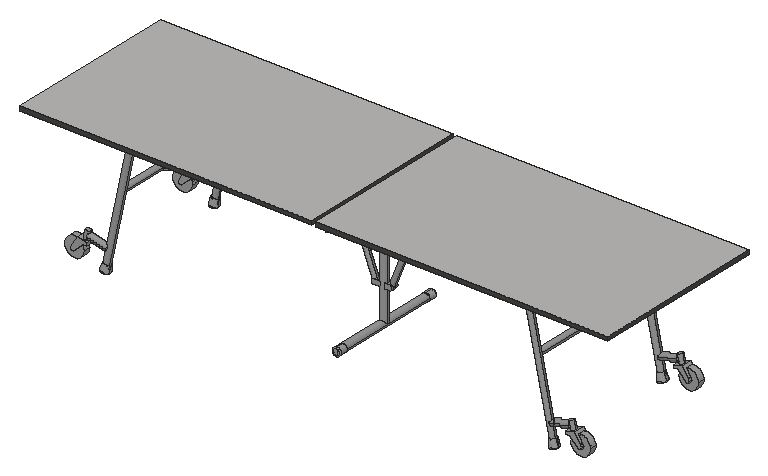
Revit family "23M Rect. 10 Long x 27 High", category Furniture, Revit 2016
Family settings
  OmniClass Number = 23.40.20.00
  OmniClass Title = General Furniture and Specialties
  Work Plane-Based = No
  Always vertical = Yes
  Cut with Voids When Loaded = No
  Shared = No
  Room Calculation Point = No
Parameters (values of type "23M15273610")
  Width = 3' - 0"
  Top [instance] = Palmer Hamilton Lt Gry
  Open [instance] = yes
  Model = "23M15273610"
  Length = 5' - 0"
  Frame [instance] = Palmer Hamilton - Frame
  Edge [instance] = Palmer Hamilton - Edge
  Closed [instance] = not(Open)  # no
Reference planes (in)
  plane 1 "Center Front/Back": y = 0
  plane 2: z = 0
  plane 3 "Center Left/Right": x = 0
  plane 4: x = -63.24988
Forms (in)
  Extrusion 1, solid, visible <- "Open"
    sketch origin (0, 0, 0) x (1, 0, 0) y (0, 1, 0)
      loop
        line (-60, 18) -> (-60, -18) -> (-0.375, -18) -> (-0.375, 18) -> (-60, 18)
    from 26.41783 to 27.23283
  Extrusion 2, solid, material "Palmer Hamilton - Frame" <- "Frame", visible <- "Open"
    sketch origin (0, 0, 0) x (1, 0, 0) y (0, 1, 0)
      loop
        line (-1, 14.5647) -> (-46, 14.5647) -> (-46, 14.4397) -> (-1, 14.4397) -> (-1, 14.5647)
      loop
        line (-1, -14.5647) -> (-1, -14.4397) -> (-46, -14.4397) -> (-46, -14.5647) -> (-1, -14.5647)
      loop
        line (-1, -2.9406) -> (-1, -2.8156) -> (-11.25, -2.8156) -> (-11.25, -2.9406) -> (-1, -2.9406)
      loop
        line (-11.25, 2.6994) -> (-11.25, 2.5744) -> (-1, 2.5744) -> (-1, 2.6994) -> (-11.25, 2.6994)
    from 24.66783 to 26.41783
  Extrusion 3, solid, material "Palmer Hamilton - Frame" <- "Frame", visible <- "Open"
    sketch origin (0, 0, 0) x (1, 0, 0) y (0, 0, 1)
      loop
        line (-1, 25.71687) -> (-1, 26.41783) -> (-2.2141, 26.41783) -> (-2.2141, 24.66783) -> (-1.68301, 24.66783) -> (-0.3125, 23.87657)
        arc (-0.3125, 23.87657) -> (0.54127, 24.10533) -> (0.3125, 24.9591) r 0.625
        line (0.3125, 24.9591) -> (-1, 25.71687)
    from 14.5647 to 14.6547
  Extrusion 4, solid, material "Palmer Hamilton - Frame" <- "Frame", visible <- "Open"
    sketch origin (0, 0, 0) x (1, 0, 0) y (0, 0, 1)
      loop
        line (-1, 25.71687) -> (-1, 26.41783) -> (-2.2141, 26.41783) -> (-2.2141, 24.66783) -> (-1.68301, 24.66783) -> (-0.3125, 23.87657)
        arc (-0.3125, 23.87657) -> (0.54127, 24.10533) -> (0.3125, 24.9591) r 0.625
        line (0.3125, 24.9591) -> (-1, 25.71687)
    from -14.4397 to -14.2345
  Extrusion 5, solid, material "Palmer Hamilton - Frame" <- "Frame", visible <- "Open"
    sketch origin (-9.0168, -1.84334, -7.25839) x (0.97817, 0, -0.207805) y (0, 1, 0)
      loop
        circle (-37.61218, -11.99504) r 0.625
    from 0 to 25.54283
  Extrusion 6, solid, material "Palmer Hamilton - Frame" <- "Frame", visible <- "Open"
    sketch origin (-14.19545, -1.84334, -7.59113) x (0.96853, 0, -0.248899) y (0, 1, 0)
      loop
        circle (-37.61218, -11.99504) r 0.5
    from 3.24005 to 4.80312
  Extrusion 7, solid, material "Palmer Hamilton - Frame" <- "Frame", visible <- "Open"
    sketch origin (-6.74072, -1.84334, -8.39066) x (0, 1, 0) y (0.248899, 0, 0.96853)
      loop
        circle (-11.99504, 2.93123) r 0.625
    from -44.60154 to -40.56576
  Extrusion 8, solid, material "Palmer Hamilton - Steel", visible <- "Open"
    sketch origin (0, 0, 0) x (1, 0, 0) y (0, 0, 1)
      loop
        line (-52.03289, 3.19045) -> (-52.13109, 2.60323)
        arc (-52.13109, 2.60323) -> (-52.09644, 2.45601) -> (-51.96719, 2.37748) r 0.19565
        line (-51.96719, 2.37748) -> (-51.66391, 2.3319) -> (-49.7575, 4.11073) -> (-49.03037, 4.04579) -> (-48.86921, 4.64752) -> (-50.88816, 5.18826) -> (-52.03289, 3.19045)
    from 12.75797 to 14.81873
  Extrusion 9, solid, material "Palmer Hamilton - Caster", visible <- "Open"
    sketch origin (0, 0, 0) x (1, 0, 0) y (0, 0, 1)
      loop
        circle (-51.73769, 2.82768) r 2
    from 13.19373 to 14.44373
  Revolve 10, solid, material "Palmer Hamilton - Caster", visible <- "Open"
    sketch origin (0, -13.81873, 0) x (1, 0, 0) y (0, 0, 1)
      loop
        line (-45.5482, 1.78014) -> (-46.23778, 1.92672) -> (-46.75081, 0.51718)
        arc (-46.75081, 0.51718) -> (-46.74816, 0.39542) -> (-46.66395, 0.30744) r 0.16803
        line (-46.66395, 0.30744) -> (-45.89593, 0.14419) -> (-45.5482, 1.78014)
      axis (-45.5482, 1.78014) -> (-45.89593, 0.14419)
    angle from 0 to 360
  Extrusion 11, solid, material "Palmer Hamilton - Frame" <- "Frame", visible <- "Open"
    sketch origin (-9.0168, 1.84334, -7.25839) x (0.97817, 0, -0.207805) y (0, 1, 0)
      loop
        circle (-37.61218, 11.99504) r 0.625
    from 0 to 25.54283
  Extrusion 12, solid, material "Palmer Hamilton - Frame" <- "Frame", visible <- "Open"
    sketch origin (-14.19545, 1.84334, -7.59113) x (0.96853, 0, -0.248899) y (0, 1, 0)
      loop
        circle (-37.61218, 11.99504) r 0.5
    from 3.24005 to 4.80312
  Extrusion 13, solid, material "Palmer Hamilton - Frame" <- "Frame", visible <- "Open"
    sketch origin (-6.74072, 1.84334, -8.39066) x (0, -1, 0) y (-0.248899, 0, -0.96853)
      loop
        circle (-11.99504, -2.93123) r 0.625
    from -44.60154 to -40.56576
  Extrusion 14, solid, material "Palmer Hamilton - Steel", visible <- "Open"
    sketch origin (0, 0, 0) x (1, 0, 0) y (0, 0, -1)
      loop
        line (-52.03289, -3.19045) -> (-50.88816, -5.18826) -> (-48.86921, -4.64752) -> (-49.03037, -4.04579) -> (-49.7575, -4.11073) -> (-51.66391, -2.3319) -> (-51.96719, -2.37748)
        arc (-51.96719, -2.37748) -> (-52.09644, -2.45601) -> (-52.13109, -2.60323) r 0.19565
        line (-52.13109, -2.60323) -> (-52.03289, -3.19045)
    from 12.75797 to 14.81873
  Extrusion 15, solid, material "Palmer Hamilton - Caster", visible <- "Open"
    sketch origin (0, 0, 0) x (1, 0, 0) y (0, 0, -1)
      loop
        circle (-51.73769, -2.82768) r 2
    from 13.19373 to 14.44373
  Revolve 16, solid, material "Palmer Hamilton - Caster", visible <- "Open"
    sketch origin (0, 13.81873, 0) x (1, 0, 0) y (0, 0, -1)
      loop
        line (-45.5482, -1.78014) -> (-45.89593, -0.14419) -> (-46.66395, -0.30744)
        arc (-46.66395, -0.30744) -> (-46.74816, -0.39542) -> (-46.75081, -0.51718) r 0.16803
        line (-46.75081, -0.51718) -> (-46.23778, -1.92672) -> (-45.5482, -1.78014)
      axis (-45.5482, -1.78014) -> (-45.89593, -0.14419)
    angle from 0 to 360
  Extrusion 17, solid, material "Palmer Hamilton - Frame" <- "Frame", visible <- "Open"
    sketch origin (0, 0, 0) x (1, 0, 0) y (0, 0, 1)
      loop
        circle (-42.48052, 16.22033) r 0.625
    from -13.80887 to 13.79175
  Extrusion 18, solid, material "Palmer Hamilton - Frame" <- "Frame", visible <- "Open"
    sketch origin (0, 0, -0.05827) x (1, 0, 0) y (0, 0, 1)
      loop
        circle (0, 0.81533) r 0.75
    from -10.64625 to 10.58375
  Revolve 19, solid, material "Palmer Hamilton - Caster", visible <- "Open"
    sketch origin (0, 0, 0) x (0, 1, 0) y (0, 0, 1)
      loop
        arc (-12.1243, 1.60492) -> (-12.21555, 1.56995) -> (-12.25375, 1.48) r 0.125
        line (-12.25375, 1.48) -> (-12.25375, 0.77853) -> (-10.58375, 0.77853) -> (-10.58375, 1.55) -> (-12.1243, 1.60492)
      axis (-10.58375, 0.77853) -> (-12.25375, 0.77853)
    angle from 0 to 360
  Revolve 20, solid, material "Palmer Hamilton - Caster", visible <- "Open"
    sketch origin (0, 0, 0) x (0, -1, 0) y (0, 0, 1)
      loop
        arc (-12.1243, 1.60492) -> (-12.21555, 1.56995) -> (-12.25375, 1.48) r 0.125
        line (-12.25375, 1.48) -> (-12.25375, 0.77853) -> (-10.58375, 0.77853) -> (-10.58375, 1.55) -> (-12.1243, 1.60492)
      axis (-10.58375, 0.77853) -> (-12.25375, 0.77853)
    angle from 0 to 360
  Extrusion 21, solid, material "Palmer Hamilton - Frame" <- "Frame", visible <- "Open"
    sketch origin (0, 0, 0) x (1, 0, 0) y (0, 1, 0)
      loop
        circle (0, 0) r 0.75
    from 0.78805 to 24.66783
  Extrusion 22, solid, material "Palmer Hamilton - Frame" <- "Frame", visible <- "Open"
    sketch origin (8.36945, 0, 4.71942) x (0.931065, 0, 0.364854) y (0, 1, 0)
      loop
        circle (-8.10904, 0) r 0.5
    from 6.40638 to 25.54283
  Extrusion 23, solid, material "Palmer Hamilton - Frame" <- "Frame", visible <- "Open"
    sketch origin (0, 0, 0) x (1, 0, 0) y (0, 0, 1)
      loop
        arc (-1.632, 8.5165) -> (-2.132, 8.0165) -> (-1.632, 7.5165) r 0.5
        line (-1.632, 7.5165) -> (1.632, 7.5165)
        arc (1.632, 7.5165) -> (2.132, 8.0165) -> (1.632, 8.5165) r 0.5
        line (1.632, 8.5165) -> (-1.632, 8.5165)
    from -0.69625 to 0.63375
  Extrusion 24, solid, material "Palmer Hamilton - Frame" <- "Frame", visible <- "Open"
    sketch origin (0, 0, 0) x (1, 0, 0) y (0, 0, 1)
      loop
        arc (-40.07379, 16.44822) -> (-39.75284, 17.07829) -> (-40.38291, 17.39924) r 0.5
        line (-40.38291, 17.39924) -> (-42.23788, 16.7963) -> (-41.9787, 15.82905) -> (-40.07379, 16.44822)
    from 2.89343 to 4.17468
  Sweep 25, solid, material "Palmer Hamilton - Frame" <- "Frame", visible <- "Open"
    path origin (0, -3.5, 0) x (1, 0, 0) y (0, 0, 1)
      loop
        line (-40.62585, 16.75973) -> (-30.42494, 20.96849)
        arc (-30.42494, 20.96849) -> (-30.05317, 21.09411) -> (-29.66819, 21.17014) r 3
        line (-29.66819, 21.17014) -> (-1.24287, 24.87225)
    profile origin (-35.52539, -3.5, 18.86411) x (-0.3814, 0, 0.92441) y (0, -1, 0)
      loop
        circle (0.00202, 0) r 0.5
  Extrusion 26, solid, material "Palmer Hamilton - Frame" <- "Frame", visible <- "Open"
    sketch origin (0, 0, 0) x (-1, 0, 0) y (0, -1, 0)
      loop
        circle (0, 0) r 0.75
    from 0.78805 to 24.66783
  Extrusion 27, solid, material "Palmer Hamilton - Frame" <- "Frame", visible <- "Closed"
    sketch origin (23.73318, 0, 60.15712) x (0.235142, 0, 0.971961) y (0, 1, 0)
      loop
        line (-1, 14.5647) -> (-46, 14.5647) -> (-46, 14.4397) -> (-1, 14.4397) -> (-1, 14.5647)
      loop
        line (-1, -14.5647) -> (-1, -14.4397) -> (-46, -14.4397) -> (-46, -14.5647) -> (-1, -14.5647)
      loop
        line (-1, -2.9406) -> (-1, -2.8156) -> (-11.25, -2.8156) -> (-11.25, -2.9406) -> (-1, -2.9406)
      loop
        line (-11.25, 2.6994) -> (-11.25, 2.5744) -> (-1, 2.5744) -> (-1, 2.6994) -> (-11.25, 2.6994)
    from 24.66783 to 26.41783
  Extrusion 28, solid, material "Palmer Hamilton - Frame" <- "Frame", visible <- "Closed"
    sketch origin (23.73318, 0, 60.15712) x (0.235142, 0, 0.971961) y (-0.971961, 0, 0.235142)
      loop
        line (-1, 25.71687) -> (-1, 26.41783) -> (-2.2141, 26.41783) -> (-2.2141, 24.66783) -> (-1.68301, 24.66783) -> (-0.3125, 23.87657)
        arc (-0.3125, 23.87657) -> (0.54127, 24.10533) -> (0.3125, 24.9591) r 0.625
        line (0.3125, 24.9591) -> (-1, 25.71687)
    from 14.5647 to 14.6547
  Extrusion 29, solid, material "Palmer Hamilton - Frame" <- "Frame", visible <- "Closed"
    sketch origin (23.73318, 0, 60.15712) x (0.235142, 0, 0.971961) y (-0.971961, 0, 0.235142)
      loop
        line (-1, 25.71687) -> (-1, 26.41783) -> (-2.2141, 26.41783) -> (-2.2141, 24.66783) -> (-1.68301, 24.66783) -> (-0.3125, 23.87657)
        arc (-0.3125, 23.87657) -> (0.54127, 24.10533) -> (0.3125, 24.9591) r 0.625
        line (0.3125, 24.9591) -> (-1, 25.71687)
    from -14.4397 to -14.2345
  Extrusion 30, solid, material "Palmer Hamilton - Frame" <- "Frame", visible <- "Closed"
    sketch origin (0, 0, 29.81729) x (1, 0, 0) y (0, 0, 1)
      loop
        circle (0, 0.81533) r 0.75
    from -10.64625 to 10.58375
  Revolve 31, solid, material "Palmer Hamilton - Caster", visible <- "Closed"
    sketch origin (0, 0, 29.87556) x (0, 1, 0) y (0, 0, 1)
      loop
        arc (-12.1243, 1.60492) -> (-12.21555, 1.56995) -> (-12.25375, 1.48) r 0.125
        line (-12.25375, 1.48) -> (-12.25375, 0.77853) -> (-10.58375, 0.77853) -> (-10.58375, 1.55) -> (-12.1243, 1.60492)
      axis (-10.58375, 0.77853) -> (-12.25375, 0.77853)
    angle from 0 to 360
  Revolve 32, solid, material "Palmer Hamilton - Caster", visible <- "Closed"
    sketch origin (0, 0, 29.87556) x (0, -1, 0) y (0, 0, 1)
      loop
        arc (-12.1243, 1.60492) -> (-12.21555, 1.56995) -> (-12.25375, 1.48) r 0.125
        line (-12.25375, 1.48) -> (-12.25375, 0.77853) -> (-10.58375, 0.77853) -> (-10.58375, 1.55) -> (-12.1243, 1.60492)
      axis (-10.58375, 0.77853) -> (-12.25375, 0.77853)
    angle from 0 to 360
  Extrusion 33, solid, material "Palmer Hamilton - Frame" <- "Frame", visible <- "Closed"
    sketch origin (7.23469, 0, 32.1212) x (0.993966, 0, 0.10969) y (0, 1, 0)
      loop
        circle (-8.10904, 0) r 0.5
    from 6.40638 to 25.54283
  Extrusion 34, solid, material "Palmer Hamilton - Frame" <- "Frame", visible <- "Closed"
    sketch origin (0, 0, 29.87556) x (1, 0, 0) y (0, 0, 1)
      loop
        arc (-1.632, 8.5165) -> (-2.132, 8.0165) -> (-1.632, 7.5165) r 0.5
        line (-1.632, 7.5165) -> (1.632, 7.5165)
        arc (1.632, 7.5165) -> (2.132, 8.0165) -> (1.632, 8.5165) r 0.5
        line (1.632, 8.5165) -> (-1.632, 8.5165)
    from -0.69625 to 0.63375
  Extrusion 35, solid, material "Palmer Hamilton - Frame" <- "Frame", visible <- "Closed"
    sketch origin (0, 0, 0) x (-1, 0, 0) y (0, -1, 0)
      loop
        circle (0, 0) r 0.75
    from 30.69576 to 66.23338
  Extrusion 36, solid, material "Palmer Hamilton - Frame" <- "Frame", visible <- "Closed"
    sketch origin (28.34347, -1.84334, 3.4857) x (0.998533, 0, 0.05414) y (0, 1, 0)
      loop
        circle (-37.61218, -11.99504) r 0.625
    from 0 to 25.54283
  Extrusion 37, solid, material "Palmer Hamilton - Frame" <- "Frame", visible <- "Closed"
    sketch origin (23.43022, -1.84334, 1.81562) x (0.999929, 0, 0.011954) y (0, 1, 0)
      loop
        circle (-37.61218, -11.99504) r 0.5
    from 3.24005 to 4.80312
  Extrusion 38, solid, material "Palmer Hamilton - Frame" <- "Frame", visible <- "Closed"
    sketch origin (30.8359, -1.84334, 2.98533) x (0, 1, 0) y (-0.011954, 0, 0.999929)
      loop
        circle (-11.99504, 2.93123) r 0.625
    from -44.60154 to -40.56576
  Extrusion 39, solid, material "Palmer Hamilton - Steel", visible <- "Closed"
    sketch origin (35.15854, 0, 12.84207) x (0.965485, 0, 0.260458) y (-0.260458, 0, 0.965485)
      loop
        line (-52.03289, 3.19045) -> (-52.13109, 2.60323)
        arc (-52.13109, 2.60323) -> (-52.09644, 2.45601) -> (-51.96719, 2.37748) r 0.19565
        line (-51.96719, 2.37748) -> (-51.66391, 2.3319) -> (-49.7575, 4.11073) -> (-49.03037, 4.04579) -> (-48.86921, 4.64752) -> (-50.88816, 5.18826) -> (-52.03289, 3.19045)
    from 12.75797 to 14.81873
  Extrusion 40, solid, material "Palmer Hamilton - Caster", visible <- "Closed"
    sketch origin (35.15854, 0, 12.84207) x (0.965485, 0, 0.260458) y (-0.260458, 0, 0.965485)
      loop
        circle (-51.73769, 2.82768) r 2
    from 13.19373 to 14.44373
  Revolve 41, solid, material "Palmer Hamilton - Caster", visible <- "Closed"
    sketch origin (35.15854, -13.81873, 12.84207) x (0.965485, 0, 0.260458) y (-0.260458, 0, 0.965485)
      loop
        line (-45.5482, 1.78014) -> (-46.23778, 1.92672) -> (-46.75081, 0.51718)
        arc (-46.75081, 0.51718) -> (-46.74816, 0.39542) -> (-46.66395, 0.30744) r 0.16803
        line (-46.66395, 0.30744) -> (-45.89593, 0.14419) -> (-45.5482, 1.78014)
      axis (-45.5482, 1.78014) -> (-45.89593, 0.14419)
    angle from 0 to 360
  Extrusion 42, solid, material "Palmer Hamilton - Frame" <- "Frame", visible <- "Closed"
    sketch origin (28.34347, 1.84334, 3.4857) x (0.998533, 0, 0.05414) y (0, 1, 0)
      loop
        circle (-37.61218, 11.99504) r 0.625
    from 0 to 25.54283
  Extrusion 43, solid, material "Palmer Hamilton - Frame" <- "Frame", visible <- "Closed"
    sketch origin (23.43022, 1.84334, 1.81562) x (0.999929, 0, 0.011954) y (0, 1, 0)
      loop
        circle (-37.61218, 11.99504) r 0.5
    from 3.24005 to 4.80312
  Extrusion 44, solid, material "Palmer Hamilton - Frame" <- "Frame", visible <- "Closed"
    sketch origin (30.8359, 1.84334, 2.98533) x (0, -1, 0) y (0.011954, 0, -0.999929)
      loop
        circle (-11.99504, -2.93123) r 0.625
    from -44.60154 to -40.56576
  Extrusion 45, solid, material "Palmer Hamilton - Steel", visible <- "Closed"
    sketch origin (35.15854, 0, 12.84207) x (0.965485, 0, 0.260458) y (0.260458, 0, -0.965485)
      loop
        line (-52.03289, -3.19045) -> (-50.88816, -5.18826) -> (-48.86921, -4.64752) -> (-49.03037, -4.04579) -> (-49.7575, -4.11073) -> (-51.66391, -2.3319) -> (-51.96719, -2.37748)
        arc (-51.96719, -2.37748) -> (-52.09644, -2.45601) -> (-52.13109, -2.60323) r 0.19565
        line (-52.13109, -2.60323) -> (-52.03289, -3.19045)
    from 12.75797 to 14.81873
  Extrusion 46, solid, material "Palmer Hamilton - Caster", visible <- "Closed"
    sketch origin (35.15854, 0, 12.84207) x (0.965485, 0, 0.260458) y (0.260458, 0, -0.965485)
      loop
        circle (-51.73769, -2.82768) r 2
    from 13.19373 to 14.44373
  Revolve 47, solid, material "Palmer Hamilton - Caster", visible <- "Closed"
    sketch origin (35.15854, 13.81873, 12.84207) x (0.965485, 0, 0.260458) y (0.260458, 0, -0.965485)
      loop
        line (-45.5482, -1.78014) -> (-45.89593, -0.14419) -> (-46.66395, -0.30744)
        arc (-46.66395, -0.30744) -> (-46.74816, -0.39542) -> (-46.75081, -0.51718) r 0.16803
        line (-46.75081, -0.51718) -> (-46.23778, -1.92672) -> (-45.5482, -1.78014)
      axis (-45.5482, -1.78014) -> (-45.89593, -0.14419)
    angle from 0 to 360
  Extrusion 48, solid, material "Palmer Hamilton - Frame" <- "Frame", visible <- "Closed"
    sketch origin (35.15854, 0, 12.84207) x (0.965485, 0, 0.260458) y (-0.260458, 0, 0.965485)
      loop
        circle (-42.48052, 16.22033) r 0.625
    from -13.80887 to 13.79175
  Extrusion 49, solid, material "Palmer Hamilton - Frame" <- "Frame", visible <- "Closed"
    sketch origin (35.15854, 0, 12.84207) x (0.965485, 0, 0.260458) y (-0.260458, 0, 0.965485)
      loop
        arc (-40.07379, 16.44822) -> (-39.75284, 17.07829) -> (-40.38291, 17.39924) r 0.5
        line (-40.38291, 17.39924) -> (-42.23788, 16.7963) -> (-41.9787, 15.82905) -> (-40.07379, 16.44822)
    from 2.89343 to 4.17468
  Sweep 50, solid, material "Palmer Hamilton - Frame" <- "Frame", visible <- "Closed"
    path origin (0, 0, 0) x (1, 0, 0) y (0, 0, 1)
      loop
        line (-8.11317, 18.18511) -> (-7.79998, 29.21571)
        arc (-7.79998, 29.21571) -> (-7.76321, 29.6064) -> (-7.67576, 29.98895) r 3
        line (-7.67576, 29.98895) -> (1.7665, 61.60926)
    profile origin (-7.95658, 0, 23.70041) x (-0.999597, 0, 0.028381) y (0, -1, 0)
      loop
        circle (0, 3.53405) r 0.5
  Extrusion 51, solid, visible <- "Open"
    sketch origin (0, 0, 0) x (-1, 0, 0) y (0, -1, 0)
      loop
        line (-60, 18) -> (-60, -18) -> (-0.375, -18) -> (-0.375, 18) -> (-60, 18)
    from 26.41783 to 27.23283
  Extrusion 52, solid, material "Palmer Hamilton - Frame" <- "Frame", visible <- "Open"
    sketch origin (0, 0, 0) x (-1, 0, 0) y (0, -1, 0)
      loop
        line (-1, 14.5647) -> (-46, 14.5647) -> (-46, 14.4397) -> (-1, 14.4397) -> (-1, 14.5647)
      loop
        line (-1, -14.5647) -> (-1, -14.4397) -> (-46, -14.4397) -> (-46, -14.5647) -> (-1, -14.5647)
      loop
        line (-1, -2.9406) -> (-1, -2.8156) -> (-11.25, -2.8156) -> (-11.25, -2.9406) -> (-1, -2.9406)
      loop
        line (-11.25, 2.6994) -> (-11.25, 2.5744) -> (-1, 2.5744) -> (-1, 2.6994) -> (-11.25, 2.6994)
    from 24.66783 to 26.41783
  Extrusion 53, solid, material "Palmer Hamilton - Frame" <- "Frame", visible <- "Open"
    sketch origin (0, 0, 0) x (-1, 0, 0) y (0, 0, 1)
      loop
        line (-1, 25.71687) -> (-1, 26.41783) -> (-2.2141, 26.41783) -> (-2.2141, 24.66783) -> (-1.68301, 24.66783) -> (-0.3125, 23.87657)
        arc (-0.3125, 23.87657) -> (0.54127, 24.10533) -> (0.3125, 24.9591) r 0.625
        line (0.3125, 24.9591) -> (-1, 25.71687)
    from 14.5647 to 14.6547
  Extrusion 54, solid, material "Palmer Hamilton - Frame" <- "Frame", visible <- "Open"
    sketch origin (0, 0, 0) x (-1, 0, 0) y (0, 0, 1)
      loop
        line (-1, 25.71687) -> (-1, 26.41783) -> (-2.2141, 26.41783) -> (-2.2141, 24.66783) -> (-1.68301, 24.66783) -> (-0.3125, 23.87657)
        arc (-0.3125, 23.87657) -> (0.54127, 24.10533) -> (0.3125, 24.9591) r 0.625
        line (0.3125, 24.9591) -> (-1, 25.71687)
    from -14.4397 to -14.2345
  Extrusion 55, solid, material "Palmer Hamilton - Frame" <- "Frame", visible <- "Open"
    sketch origin (9.0168, 1.84334, -7.25839) x (-0.97817, 0, -0.207805) y (0, -1, 0)
      loop
        circle (-37.61218, -11.99504) r 0.625
    from 0 to 25.54283
  Extrusion 56, solid, material "Palmer Hamilton - Frame" <- "Frame", visible <- "Open"
    sketch origin (14.19545, 1.84334, -7.59113) x (-0.96853, 0, -0.248899) y (0, -1, 0)
      loop
        circle (-37.61218, -11.99504) r 0.5
    from 3.24005 to 4.80312
  Extrusion 57, solid, material "Palmer Hamilton - Frame" <- "Frame", visible <- "Open"
    sketch origin (6.74072, 1.84334, -8.39066) x (0, -1, 0) y (-0.248899, 0, 0.96853)
      loop
        circle (-11.99504, 2.93123) r 0.625
    from -44.60154 to -40.56576
  Extrusion 58, solid, material "Palmer Hamilton - Steel", visible <- "Open"
    sketch origin (0, 0, 0) x (-1, 0, 0) y (0, 0, 1)
      loop
        line (-52.03289, 3.19045) -> (-52.13109, 2.60323)
        arc (-52.13109, 2.60323) -> (-52.09644, 2.45601) -> (-51.96719, 2.37748) r 0.19565
        line (-51.96719, 2.37748) -> (-51.66391, 2.3319) -> (-49.7575, 4.11073) -> (-49.03037, 4.04579) -> (-48.86921, 4.64752) -> (-50.88816, 5.18826) -> (-52.03289, 3.19045)
    from 12.75797 to 14.81873
  Extrusion 59, solid, material "Palmer Hamilton - Caster", visible <- "Open"
    sketch origin (0, 0, 0) x (-1, 0, 0) y (0, 0, 1)
      loop
        circle (-51.73769, 2.82768) r 2
    from 13.19373 to 14.44373
  Revolve 60, solid, material "Palmer Hamilton - Caster", visible <- "Open"
    sketch origin (0, 13.81873, 0) x (-1, 0, 0) y (0, 0, 1)
      loop
        line (-45.5482, 1.78014) -> (-46.23778, 1.92672) -> (-46.75081, 0.51718)
        arc (-46.75081, 0.51718) -> (-46.74816, 0.39542) -> (-46.66395, 0.30744) r 0.16803
        line (-46.66395, 0.30744) -> (-45.89593, 0.14419) -> (-45.5482, 1.78014)
      axis (-45.5482, 1.78014) -> (-45.89593, 0.14419)
    angle from 0 to 360
  Extrusion 61, solid, material "Palmer Hamilton - Frame" <- "Frame", visible <- "Open"
    sketch origin (9.0168, -1.84334, -7.25839) x (-0.97817, 0, -0.207805) y (0, -1, 0)
      loop
        circle (-37.61218, 11.99504) r 0.625
    from 0 to 25.54283
  Extrusion 62, solid, material "Palmer Hamilton - Frame" <- "Frame", visible <- "Open"
    sketch origin (14.19545, -1.84334, -7.59113) x (-0.96853, 0, -0.248899) y (0, -1, 0)
      loop
        circle (-37.61218, 11.99504) r 0.5
    from 3.24005 to 4.80312
  Extrusion 63, solid, material "Palmer Hamilton - Frame" <- "Frame", visible <- "Open"
    sketch origin (6.74072, -1.84334, -8.39066) x (0, 1, 0) y (0.248899, 0, -0.96853)
      loop
        circle (-11.99504, -2.93123) r 0.625
    from -44.60154 to -40.56576
  Extrusion 64, solid, material "Palmer Hamilton - Steel", visible <- "Open"
    sketch origin (0, 0, 0) x (-1, 0, 0) y (0, 0, -1)
      loop
        line (-52.03289, -3.19045) -> (-50.88816, -5.18826) -> (-48.86921, -4.64752) -> (-49.03037, -4.04579) -> (-49.7575, -4.11073) -> (-51.66391, -2.3319) -> (-51.96719, -2.37748)
        arc (-51.96719, -2.37748) -> (-52.09644, -2.45601) -> (-52.13109, -2.60323) r 0.19565
        line (-52.13109, -2.60323) -> (-52.03289, -3.19045)
    from 12.75797 to 14.81873
  Extrusion 65, solid, material "Palmer Hamilton - Caster", visible <- "Open"
    sketch origin (0, 0, 0) x (-1, 0, 0) y (0, 0, -1)
      loop
        circle (-51.73769, -2.82768) r 2
    from 13.19373 to 14.44373
  Revolve 66, solid, material "Palmer Hamilton - Caster", visible <- "Open"
    sketch origin (0, -13.81873, 0) x (-1, 0, 0) y (0, 0, -1)
      loop
        line (-45.5482, -1.78014) -> (-45.89593, -0.14419) -> (-46.66395, -0.30744)
        arc (-46.66395, -0.30744) -> (-46.74816, -0.39542) -> (-46.75081, -0.51718) r 0.16803
        line (-46.75081, -0.51718) -> (-46.23778, -1.92672) -> (-45.5482, -1.78014)
      axis (-45.5482, -1.78014) -> (-45.89593, -0.14419)
    angle from 0 to 360
  Extrusion 67, solid, material "Palmer Hamilton - Frame" <- "Frame", visible <- "Open"
    sketch origin (0, 0, 0) x (-1, 0, 0) y (0, 0, 1)
      loop
        circle (-42.48052, 16.22033) r 0.625
    from -13.80887 to 13.79175
  Extrusion 68, solid, material "Palmer Hamilton - Frame" <- "Frame", visible <- "Open"
    sketch origin (-8.36945, 0, 4.71942) x (-0.931065, 0, 0.364854) y (0, -1, 0)
      loop
        circle (-8.10904, 0) r 0.5
    from 6.40638 to 25.54283
  Extrusion 69, solid, material "Palmer Hamilton - Frame" <- "Frame", visible <- "Open"
    sketch origin (0, 0, 0) x (-1, 0, 0) y (0, 0, 1)
      loop
        arc (-40.07379, 16.44822) -> (-39.75284, 17.07829) -> (-40.38291, 17.39924) r 0.5
        line (-40.38291, 17.39924) -> (-42.23788, 16.7963) -> (-41.9787, 15.82905) -> (-40.07379, 16.44822)
    from 2.89343 to 4.17468
  Sweep 70, solid, material "Palmer Hamilton - Frame" <- "Frame", visible <- "Open"
    path origin (0, 3.5, 0) x (-1, 0, 0) y (0, 0, 1)
      loop
        line (-40.62585, 16.75973) -> (-30.42494, 20.96849)
        arc (-30.42494, 20.96849) -> (-30.05317, 21.09411) -> (-29.66819, 21.17014) r 3
        line (-29.66819, 21.17014) -> (-1.24287, 24.87225)
    profile origin (35.52539, 3.5, 18.86411) x (0.3814, 0, 0.92441) y (0, 1, 0)
      loop
        circle (0.00202, 0) r 0.5
  Extrusion 71, solid, material "Palmer Hamilton - Frame" <- "Frame", visible <- "Closed"
    sketch origin (-23.73318, 0, 60.15712) x (-0.235142, 0, 0.971961) y (0, -1, 0)
      loop
        line (-1, 14.5647) -> (-46, 14.5647) -> (-46, 14.4397) -> (-1, 14.4397) -> (-1, 14.5647)
      loop
        line (-1, -14.5647) -> (-1, -14.4397) -> (-46, -14.4397) -> (-46, -14.5647) -> (-1, -14.5647)
      loop
        line (-1, -2.9406) -> (-1, -2.8156) -> (-11.25, -2.8156) -> (-11.25, -2.9406) -> (-1, -2.9406)
      loop
        line (-11.25, 2.6994) -> (-11.25, 2.5744) -> (-1, 2.5744) -> (-1, 2.6994) -> (-11.25, 2.6994)
    from 24.66783 to 26.41783
  Extrusion 72, solid, material "Palmer Hamilton - Frame" <- "Frame", visible <- "Closed"
    sketch origin (-23.73318, 0, 60.15712) x (-0.235142, 0, 0.971961) y (0.971961, 0, 0.235142)
      loop
        line (-1, 25.71687) -> (-1, 26.41783) -> (-2.2141, 26.41783) -> (-2.2141, 24.66783) -> (-1.68301, 24.66783) -> (-0.3125, 23.87657)
        arc (-0.3125, 23.87657) -> (0.54127, 24.10533) -> (0.3125, 24.9591) r 0.625
        line (0.3125, 24.9591) -> (-1, 25.71687)
    from 14.5647 to 14.6547
  Extrusion 73, solid, material "Palmer Hamilton - Frame" <- "Frame", visible <- "Closed"
    sketch origin (-23.73318, 0, 60.15712) x (-0.235142, 0, 0.971961) y (0.971961, 0, 0.235142)
      loop
        line (-1, 25.71687) -> (-1, 26.41783) -> (-2.2141, 26.41783) -> (-2.2141, 24.66783) -> (-1.68301, 24.66783) -> (-0.3125, 23.87657)
        arc (-0.3125, 23.87657) -> (0.54127, 24.10533) -> (0.3125, 24.9591) r 0.625
        line (0.3125, 24.9591) -> (-1, 25.71687)
    from -14.4397 to -14.2345
  Extrusion 74, solid, material "Palmer Hamilton - Frame" <- "Frame", visible <- "Closed"
    sketch origin (-7.23469, 0, 32.1212) x (-0.993966, 0, 0.10969) y (0, -1, 0)
      loop
        circle (-8.10904, 0) r 0.5
    from 6.40638 to 25.54283
  Extrusion 75, solid, material "Palmer Hamilton - Frame" <- "Frame", visible <- "Closed"
    sketch origin (-28.34347, 1.84334, 3.4857) x (-0.998533, 0, 0.05414) y (0, -1, 0)
      loop
        circle (-37.61218, -11.99504) r 0.625
    from 0 to 25.54283
  Extrusion 76, solid, material "Palmer Hamilton - Frame" <- "Frame", visible <- "Closed"
    sketch origin (-23.43022, 1.84334, 1.81562) x (-0.999929, 0, 0.011954) y (0, -1, 0)
      loop
        circle (-37.61218, -11.99504) r 0.5
    from 3.24005 to 4.80312
  Extrusion 77, solid, material "Palmer Hamilton - Frame" <- "Frame", visible <- "Closed"
    sketch origin (-30.8359, 1.84334, 2.98533) x (0, -1, 0) y (0.011954, 0, 0.999929)
      loop
        circle (-11.99504, 2.93123) r 0.625
    from -44.60154 to -40.56576
  Extrusion 78, solid, material "Palmer Hamilton - Steel", visible <- "Closed"
    sketch origin (-35.15854, 0, 12.84207) x (-0.965485, 0, 0.260458) y (0.260458, 0, 0.965485)
      loop
        line (-52.03289, 3.19045) -> (-52.13109, 2.60323)
        arc (-52.13109, 2.60323) -> (-52.09644, 2.45601) -> (-51.96719, 2.37748) r 0.19565
        line (-51.96719, 2.37748) -> (-51.66391, 2.3319) -> (-49.7575, 4.11073) -> (-49.03037, 4.04579) -> (-48.86921, 4.64752) -> (-50.88816, 5.18826) -> (-52.03289, 3.19045)
    from 12.75797 to 14.81873
  Extrusion 79, solid, material "Palmer Hamilton - Caster", visible <- "Closed"
    sketch origin (-35.15854, 0, 12.84207) x (-0.965485, 0, 0.260458) y (0.260458, 0, 0.965485)
      loop
        circle (-51.73769, 2.82768) r 2
    from 13.19373 to 14.44373
  Revolve 80, solid, material "Palmer Hamilton - Caster", visible <- "Closed"
    sketch origin (-35.15854, 13.81873, 12.84207) x (-0.965485, 0, 0.260458) y (0.260458, 0, 0.965485)
      loop
        line (-45.5482, 1.78014) -> (-46.23778, 1.92672) -> (-46.75081, 0.51718)
        arc (-46.75081, 0.51718) -> (-46.74816, 0.39542) -> (-46.66395, 0.30744) r 0.16803
        line (-46.66395, 0.30744) -> (-45.89593, 0.14419) -> (-45.5482, 1.78014)
      axis (-45.5482, 1.78014) -> (-45.89593, 0.14419)
    angle from 0 to 360
  Extrusion 81, solid, material "Palmer Hamilton - Frame" <- "Frame", visible <- "Closed"
    sketch origin (-28.34347, -1.84334, 3.4857) x (-0.998533, 0, 0.05414) y (0, -1, 0)
      loop
        circle (-37.61218, 11.99504) r 0.625
    from 0 to 25.54283
  Extrusion 82, solid, material "Palmer Hamilton - Frame" <- "Frame", visible <- "Closed"
    sketch origin (-23.43022, -1.84334, 1.81562) x (-0.999929, 0, 0.011954) y (0, -1, 0)
      loop
        circle (-37.61218, 11.99504) r 0.5
    from 3.24005 to 4.80312
  Extrusion 83, solid, material "Palmer Hamilton - Frame" <- "Frame", visible <- "Closed"
    sketch origin (-30.8359, -1.84334, 2.98533) x (0, 1, 0) y (-0.011954, 0, -0.999929)
      loop
        circle (-11.99504, -2.93123) r 0.625
    from -44.60154 to -40.56576
  Extrusion 84, solid, material "Palmer Hamilton - Steel", visible <- "Closed"
    sketch origin (-35.15854, 0, 12.84207) x (-0.965485, 0, 0.260458) y (-0.260458, 0, -0.965485)
      loop
        line (-52.03289, -3.19045) -> (-50.88816, -5.18826) -> (-48.86921, -4.64752) -> (-49.03037, -4.04579) -> (-49.7575, -4.11073) -> (-51.66391, -2.3319) -> (-51.96719, -2.37748)
        arc (-51.96719, -2.37748) -> (-52.09644, -2.45601) -> (-52.13109, -2.60323) r 0.19565
        line (-52.13109, -2.60323) -> (-52.03289, -3.19045)
    from 12.75797 to 14.81873
  Extrusion 85, solid, material "Palmer Hamilton - Caster", visible <- "Closed"
    sketch origin (-35.15854, 0, 12.84207) x (-0.965485, 0, 0.260458) y (-0.260458, 0, -0.965485)
      loop
        circle (-51.73769, -2.82768) r 2
    from 13.19373 to 14.44373
  Revolve 86, solid, material "Palmer Hamilton - Caster", visible <- "Closed"
    sketch origin (-35.15854, -13.81873, 12.84207) x (-0.965485, 0, 0.260458) y (-0.260458, 0, -0.965485)
      loop
        line (-45.5482, -1.78014) -> (-45.89593, -0.14419) -> (-46.66395, -0.30744)
        arc (-46.66395, -0.30744) -> (-46.74816, -0.39542) -> (-46.75081, -0.51718) r 0.16803
        line (-46.75081, -0.51718) -> (-46.23778, -1.92672) -> (-45.5482, -1.78014)
      axis (-45.5482, -1.78014) -> (-45.89593, -0.14419)
    angle from 0 to 360
  Extrusion 87, solid, material "Palmer Hamilton - Frame" <- "Frame", visible <- "Closed"
    sketch origin (-35.15854, 0, 12.84207) x (-0.965485, 0, 0.260458) y (0.260458, 0, 0.965485)
      loop
        circle (-42.48052, 16.22033) r 0.625
    from -13.80887 to 13.79175
  Extrusion 88, solid, material "Palmer Hamilton - Frame" <- "Frame", visible <- "Closed"
    sketch origin (-35.15854, 0, 12.84207) x (-0.965485, 0, 0.260458) y (0.260458, 0, 0.965485)
      loop
        arc (-40.07379, 16.44822) -> (-39.75284, 17.07829) -> (-40.38291, 17.39924) r 0.5
        line (-40.38291, 17.39924) -> (-42.23788, 16.7963) -> (-41.9787, 15.82905) -> (-40.07379, 16.44822)
    from 2.89343 to 4.17468
  Sweep 89, solid, material "Palmer Hamilton - Frame" <- "Frame", visible <- "Closed"
    path origin (0, 0, 0) x (-1, 0, 0) y (0, 0, 1)
      loop
        line (-8.11317, 18.18511) -> (-7.79998, 29.21571)
        arc (-7.79998, 29.21571) -> (-7.76321, 29.6064) -> (-7.67576, 29.98895) r 3
        line (-7.67576, 29.98895) -> (1.7665, 61.60926)
    profile origin (7.95658, 0, 23.70041) x (0.999597, 0, 0.028381) y (0, 1, 0)
      loop
        circle (0, 3.53405) r 0.5
  Extrusion 90, solid, visible <- "Closed"
    sketch origin (23.72421, 0, 60.16911) x (0.235142, 0, 0.971961) y (0, 1, 0)
      loop
        line (-60.42857, 18) -> (-60.42857, -18) -> (-0.80357, -18) -> (-0.80357, 18) -> (-60.42857, 18)
    from 26.41783 to 27.23283
  Extrusion 91, solid, visible <- "Closed"
    sketch origin (-23.72421, 0, 60.16911) x (-0.235142, 0, 0.971961) y (0, -1, 0)
      loop
        line (-60.42857, -18) -> (-0.80357, -18) -> (-0.80357, 18) -> (-60.42857, 18) -> (-60.42857, -18)
    from 26.41783 to 27.23283
Dimensions and locks (in)
  "Width": Extrusion 1 sketch curve to Extrusion 1 sketch curve
  "Width": Extrusion 51 sketch curve to Extrusion 51 sketch curve
  "Width": Extrusion 90 sketch curve to Extrusion 90 sketch curve
  "Width": Extrusion 91 sketch curve to Extrusion 91 sketch curve
  equal spacing: Extrusion 51 sketch curve, plane 1 "Center Front/Back", Extrusion 51 sketch curve
  equal spacing: Extrusion 1 sketch curve, plane 1 "Center Front/Back", Extrusion 1 sketch curve
  equal spacing: Extrusion 90 sketch curve, plane 1 "Center Front/Back", Extrusion 90 sketch curve
  equal spacing: Extrusion 91 sketch curve, plane 1 "Center Front/Back", Extrusion 91 sketch curve
  aligned and locked: level to plane 2
Automatic sketch dimensions
  plane 4 to Extrusion 2 sketch curve = 1' - 5.24988"  (x2)
  plane 1 "Center Front/Back" to Extrusion 2 sketch curve = 0' - 2.8156"
  Extrusion 2 sketch curve to plane 3 "Center Left/Right" = 0' - 11 1/4"
  Extrusion 2 sketch curve to plane 1 "Center Front/Back" = 0' - 2.6994"
  Extrusion 2 sketch curve to Extrusion 2 sketch curve = 0' - 0"
  Extrusion 2 sketch curve to plane 3 "Center Left/Right" = 0' - 1"  (x4)
  Extrusion 2 sketch curve to Extrusion 2 sketch curve = 0' - 0 1/8"  (x4)
  plane 1 "Center Front/Back" to Extrusion 2 sketch curve = 1' - 2.4397"
  Extrusion 2 sketch curve to Extrusion 2 sketch curve = 0' - 11.7403"
  Extrusion 3 sketch curve to plane 3 "Center Left/Right" = 0' - 0"
  Extrusion 3 sketch curve to plane 3 "Center Left/Right" = 0' - 0 5/16"
  Extrusion 3 sketch curve to plane 3 "Center Left/Right" = 0' - 1"
  Extrusion 3 sketch curve to Extrusion 3 sketch curve = 0' - 0.68301"
  Extrusion 3 sketch curve to Extrusion 3 sketch curve = 0' - 1.2141"
  plane 3 "Center Left/Right" to Extrusion 3 sketch curve = 0' - 0 5/16"
  level to Extrusion 3 sketch curve = 1' - 11.87657"
  Extrusion 3 sketch curve to Extrusion 3 sketch curve = 0' - 0.54127"
  Extrusion 3 sketch curve to Extrusion 3 sketch curve = 0' - 0.79127"
  Extrusion 3 sketch curve to Extrusion 3 sketch curve = 0' - 1.04904"
  Extrusion 3 sketch curve to Extrusion 3 sketch curve = 0' - 0.70096"
  Extrusion 4 sketch curve to plane 3 "Center Left/Right" = 0' - 0"
  Extrusion 4 sketch curve to plane 3 "Center Left/Right" = 0' - 0 5/16"
  Extrusion 4 sketch curve to plane 3 "Center Left/Right" = 0' - 1"
  Extrusion 4 sketch curve to Extrusion 4 sketch curve = 0' - 0.68301"
  Extrusion 4 sketch curve to Extrusion 4 sketch curve = 0' - 1.2141"
  plane 3 "Center Left/Right" to Extrusion 4 sketch curve = 0' - 0 5/16"
  level to Extrusion 4 sketch curve = 1' - 11.87657"
  Extrusion 4 sketch curve to Extrusion 4 sketch curve = 0' - 0.54127"
  Extrusion 4 sketch curve to Extrusion 4 sketch curve = 0' - 0.79127"
  Extrusion 4 sketch curve to Extrusion 4 sketch curve = 0' - 1.04904"
  Extrusion 4 sketch curve to Extrusion 4 sketch curve = 0' - 0.70096"
  plane 1 "Center Front/Back" to Extrusion 5 sketch curve = 1' - 1.83838"
  plane 1 "Center Front/Back" to Extrusion 6 sketch curve = 1' - 1.83838"
  plane 1 "Center Front/Back" to Extrusion 7 sketch curve = 1' - 1.83838"
  level to Extrusion 8 sketch curve = 0' - 2.60323"
  plane 4 to Extrusion 8 sketch curve = 0' - 11.11879"
  level to Extrusion 8 sketch curve = 0' - 3.19045"
  Extrusion 8 sketch curve to Extrusion 8 sketch curve = 0' - 0.0982"
  level to Extrusion 8 sketch curve = 0' - 2.37748"
  Extrusion 8 sketch curve to Extrusion 8 sketch curve = 0' - 0.1639"
  Extrusion 8 sketch curve to Extrusion 8 sketch curve = 0' - 0.19297"
  level to Extrusion 8 sketch curve = 0' - 2.3319"
  Extrusion 8 sketch curve to Extrusion 8 sketch curve = 0' - 0.30329"
  level to Extrusion 8 sketch curve = 0' - 5.18826"
  Extrusion 8 sketch curve to Extrusion 8 sketch curve = 0' - 1.14473"
  level to Extrusion 8 sketch curve = 0' - 4.11073"
  Extrusion 8 sketch curve to Extrusion 8 sketch curve = 0' - 1.13066"
  level to Extrusion 8 sketch curve = 0' - 4.04579"
  Extrusion 8 sketch curve to Extrusion 8 sketch curve = 0' - 0.72713"
  level to Extrusion 8 sketch curve = 0' - 4.64752"
  level to Extrusion 9 sketch curve = 0' - 2.82768"
  plane 4 to Extrusion 9 sketch curve = 0' - 11.51219"
  level to Revolve 10 sketch curve = 0' - 0.51718"
  plane 4 to Revolve 10 sketch curve = 1' - 4.49907"
  level to Revolve 10 sketch curve = 0' - 0.30744"
  Revolve 10 sketch curve to Revolve 10 sketch curve = 0' - 0.08686"
  Revolve 10 sketch curve to Revolve 10 sketch curve = 0' - 0.15789"
  level to Revolve 10 sketch curve = 0' - 1.92672"
  Revolve 10 sketch curve to Revolve 10 sketch curve = 0' - 0.51303"
  level to Revolve 10 sketch curve = 0' - 0.14419"  (x2)
  Revolve 10 sketch curve to Revolve 10 sketch curve = 0' - 0.69699"
  Revolve 10 sketch curve to Revolve 10 sketch curve = 0' - 0"  (x2)
  level to Revolve 10 sketch curve = 0' - 1.78014"
  Extrusion 11 sketch curve to plane 1 "Center Front/Back" = 1' - 1.83838"
  Extrusion 12 sketch curve to plane 1 "Center Front/Back" = 1' - 1.83838"
  Extrusion 13 sketch curve to plane 1 "Center Front/Back" = 1' - 1.83838"
  level to Extrusion 14 sketch curve = 0' - 2.60323"
  plane 4 to Extrusion 14 sketch curve = 0' - 11.11879"
  level to Extrusion 14 sketch curve = 0' - 3.19045"
  Extrusion 14 sketch curve to Extrusion 14 sketch curve = 0' - 0.0982"
  level to Extrusion 14 sketch curve = 0' - 2.37748"
  Extrusion 14 sketch curve to Extrusion 14 sketch curve = 0' - 0.1639"
  Extrusion 14 sketch curve to Extrusion 14 sketch curve = 0' - 0.19297"
  level to Extrusion 14 sketch curve = 0' - 2.3319"
  Extrusion 14 sketch curve to Extrusion 14 sketch curve = 0' - 0.30329"
  level to Extrusion 14 sketch curve = 0' - 5.18826"
  Extrusion 14 sketch curve to Extrusion 14 sketch curve = 0' - 1.14473"
  level to Extrusion 14 sketch curve = 0' - 4.11073"
  Extrusion 14 sketch curve to Extrusion 14 sketch curve = 0' - 1.13066"
  level to Extrusion 14 sketch curve = 0' - 4.04579"
  Extrusion 14 sketch curve to Extrusion 14 sketch curve = 0' - 0.72713"
  level to Extrusion 14 sketch curve = 0' - 4.64752"
  level to Extrusion 15 sketch curve = 0' - 2.82768"
  plane 4 to Extrusion 15 sketch curve = 0' - 11.51219"
  level to Revolve 16 sketch curve = 0' - 0.51718"
  plane 4 to Revolve 16 sketch curve = 1' - 4.49907"
  level to Revolve 16 sketch curve = 0' - 0.30744"
  Revolve 16 sketch curve to Revolve 16 sketch curve = 0' - 0.08686"
  Revolve 16 sketch curve to Revolve 16 sketch curve = 0' - 0.15789"
  level to Revolve 16 sketch curve = 0' - 1.92672"
  Revolve 16 sketch curve to Revolve 16 sketch curve = 0' - 0.51303"
  level to Revolve 16 sketch curve = 0' - 0.14419"  (x2)
  Revolve 16 sketch curve to Revolve 16 sketch curve = 0' - 0.69699"
  Revolve 16 sketch curve to Revolve 16 sketch curve = 0' - 0"  (x2)
  level to Revolve 16 sketch curve = 0' - 1.78014"
  plane 4 to Extrusion 17 sketch curve = 1' - 8.76936"
  level to Extrusion 17 sketch curve = 1' - 4.22033"
  Extrusion 18 sketch curve to plane 3 "Center Left/Right" = 0' - 0"
  level to Extrusion 18 sketch curve = 0' - 0.75706"
  level to Revolve 19 sketch curve = 0' - 0.77853"
  plane 1 "Center Front/Back" to Revolve 19 sketch curve = 1' - 0.25375"
  Revolve 19 sketch curve to Revolve 19 sketch curve = 0' - 0 1/8"
  level to Revolve 19 sketch curve = 0' - 1.60492"
  Revolve 19 sketch curve to Revolve 19 sketch curve = 0' - 0.00445"
  Revolve 19 sketch curve to Revolve 19 sketch curve = 0' - 1.67"
  Revolve 19 sketch curve to Revolve 19 sketch curve = 0' - 0.77147"
  Revolve 19 sketch curve to Revolve 19 sketch curve = 0' - 0"  (x3)
  Revolve 20 sketch curve to level = 0' - 0.77853"
  plane 1 "Center Front/Back" to Revolve 20 sketch curve = 1' - 0.25375"
  Revolve 20 sketch curve to Revolve 20 sketch curve = 0' - 0 1/8"
  Revolve 20 sketch curve to level = 0' - 1.60492"
  Revolve 20 sketch curve to Revolve 20 sketch curve = 0' - 0.00445"
  Revolve 20 sketch curve to Revolve 20 sketch curve = 0' - 1.67"
  Revolve 20 sketch curve to Revolve 20 sketch curve = 0' - 0.77147"
  Revolve 20 sketch curve to Revolve 20 sketch curve = 0' - 0"  (x3)
  plane 1 "Center Front/Back" to Extrusion 21 sketch curve = 0' - 0"
  Extrusion 21 sketch curve to plane 3 "Center Left/Right" = 0' - 0"
  plane 1 "Center Front/Back" to Extrusion 22 sketch curve = 0' - 0"
  Extrusion 23 sketch curve to plane 3 "Center Left/Right" = 0' - 1.632"
  plane 3 "Center Left/Right" to Extrusion 23 sketch curve = 0' - 1.632"
  level to Extrusion 23 sketch curve = 0' - 7.5165"
  Extrusion 23 sketch curve to Extrusion 23 sketch curve = 0' - 0 1/2"
  plane 4 to Extrusion 24 sketch curve = 1' - 9.012"
  Extrusion 24 sketch curve to Extrusion 24 sketch curve = 0' - 0.25918"
  Extrusion 24 sketch curve to Extrusion 24 sketch curve = 0' - 1.85497"
  Extrusion 24 sketch curve to Extrusion 24 sketch curve = 0' - 0.15456"  (x2)
  level to Extrusion 24 sketch curve = 1' - 3.82905"
  Extrusion 24 sketch curve to Extrusion 24 sketch curve = 0' - 0.61917"
  Extrusion 24 sketch curve to Extrusion 24 sketch curve = 0' - 0.96726"
  Extrusion 24 sketch curve to Extrusion 24 sketch curve = 0' - 0.47551"
  Sweep 25 sketch curve to plane 3 "Center Left/Right" = 2' - 6.42494"
  Sweep 25 sketch curve to Sweep 25 sketch curve = 0' - 0.75675"
  Sweep 25 sketch curve to Sweep 25 sketch curve = 0' - 1.1442"
  level to Sweep 25 sketch curve = 1' - 6.19526"
  Sweep 25 sketch curve to Sweep 25 sketch curve = 0' - 2.77323"
  Sweep 25 sketch curve to Sweep 25 sketch curve = 0' - 10.2009"
  Sweep 25 sketch curve to plane 3 "Center Left/Right" = 0' - 1.24287"
  Sweep 25 sketch curve to Sweep 25 sketch curve = 0' - 4.20876"
  level to Sweep 25 sketch curve = 2' - 0.87225"
  profile plane to Sweep 25 sketch curve = 0' - 0"
  Sweep 25 sketch curve to profile plane = 0' - 0.00202"
  plane 1 "Center Front/Back" to Extrusion 26 sketch curve = 0' - 0"
  Extrusion 26 sketch curve to plane 3 "Center Left/Right" = 0' - 0"
  plane 1 "Center Front/Back" to Extrusion 27 sketch curve = 1' - 2.4397"
  Extrusion 27 sketch curve to Extrusion 27 sketch curve = 0' - 0"  (x4)
  plane 1 "Center Front/Back" to Extrusion 27 sketch curve = 0' - 2.8156"
  Extrusion 27 sketch curve to Extrusion 27 sketch curve = 2' - 10 3/4"
  Extrusion 27 sketch curve to plane 1 "Center Front/Back" = 0' - 2.6994"
  Extrusion 27 sketch curve to Extrusion 27 sketch curve = 0' - 10 1/4"  (x2)
  Extrusion 27 sketch curve to Extrusion 27 sketch curve = 0' - 0 1/8"  (x4)
  Extrusion 27 sketch curve to Extrusion 27 sketch curve = 0' - 11.7403"
  Extrusion 28 sketch curve to plane 3 "Center Left/Right" = 0' - 0"
  Extrusion 28 sketch curve to plane 3 "Center Left/Right" = 0' - 0.76362"
  level to Extrusion 28 sketch curve = 5' - 3.80555"
  Extrusion 28 sketch curve to Extrusion 28 sketch curve = 0' - 0.53109"
  Extrusion 28 sketch curve to Extrusion 28 sketch curve = 0' - 1.2141"
  Extrusion 28 sketch curve to Extrusion 28 sketch curve = 0' - 1.37051"
  Extrusion 28 sketch curve to Extrusion 28 sketch curve = 0' - 0 5/16"  (x2)
  Extrusion 28 sketch curve to Extrusion 28 sketch curve = 0' - 0.54127"
  Extrusion 28 sketch curve to Extrusion 28 sketch curve = 0' - 1.04904"
  Extrusion 28 sketch curve to Extrusion 28 sketch curve = 0' - 0.70096"
  Extrusion 29 sketch curve to plane 3 "Center Left/Right" = 0' - 0"
  Extrusion 29 sketch curve to plane 3 "Center Left/Right" = 0' - 0.76362"
  level to Extrusion 29 sketch curve = 5' - 3.80555"
  Extrusion 29 sketch curve to Extrusion 29 sketch curve = 0' - 0.53109"
  Extrusion 29 sketch curve to Extrusion 29 sketch curve = 0' - 1.2141"
  Extrusion 29 sketch curve to Extrusion 29 sketch curve = 0' - 1.37051"
  Extrusion 29 sketch curve to Extrusion 29 sketch curve = 0' - 0 5/16"  (x2)
  Extrusion 29 sketch curve to Extrusion 29 sketch curve = 0' - 0.54127"
  Extrusion 29 sketch curve to Extrusion 29 sketch curve = 0' - 1.04904"
  Extrusion 29 sketch curve to Extrusion 29 sketch curve = 0' - 0.70096"
  Extrusion 30 sketch curve to plane 3 "Center Left/Right" = 0' - 0"
  level to Extrusion 30 sketch curve = 2' - 6.63261"
  plane 1 "Center Front/Back" to Revolve 31 sketch curve = 1' - 0.25375"
  Revolve 31 sketch curve to Revolve 31 sketch curve = 0' - 0 1/8"
  Revolve 31 sketch curve to Revolve 31 sketch curve = 0' - 0.00445"
  Revolve 31 sketch curve to Revolve 31 sketch curve = 0' - 1.67"
  level to Revolve 31 sketch curve = 2' - 6.65409"
  Revolve 31 sketch curve to Revolve 31 sketch curve = 0' - 0.70147"
  Revolve 31 sketch curve to Revolve 31 sketch curve = 0' - 0.77147"
  Revolve 31 sketch curve to Revolve 31 sketch curve = 0' - 0"  (x3)
  plane 1 "Center Front/Back" to Revolve 32 sketch curve = 1' - 0.25375"
  Revolve 32 sketch curve to Revolve 32 sketch curve = 0' - 0 1/8"
  Revolve 32 sketch curve to Revolve 32 sketch curve = 0' - 0.00445"
  Revolve 32 sketch curve to Revolve 32 sketch curve = 0' - 1.67"
  Revolve 32 sketch curve to level = 2' - 6.65409"
  Revolve 32 sketch curve to Revolve 32 sketch curve = 0' - 0.70147"
  Revolve 32 sketch curve to Revolve 32 sketch curve = 0' - 0.77147"
  Revolve 32 sketch curve to Revolve 32 sketch curve = 0' - 0"  (x3)
  plane 1 "Center Front/Back" to Extrusion 33 sketch curve = 0' - 0"
  Extrusion 34 sketch curve to plane 3 "Center Left/Right" = 0' - 1.632"
  plane 3 "Center Left/Right" to Extrusion 34 sketch curve = 0' - 1.632"
  level to Extrusion 34 sketch curve = 3' - 1.39206"
  Extrusion 34 sketch curve to Extrusion 34 sketch curve = 0' - 0 1/2"
  plane 1 "Center Front/Back" to Extrusion 35 sketch curve = 0' - 0"
  Extrusion 35 sketch curve to plane 3 "Center Left/Right" = 0' - 0"
  plane 1 "Center Front/Back" to Extrusion 36 sketch curve = 1' - 1.83838"
  plane 1 "Center Front/Back" to Extrusion 37 sketch curve = 1' - 1.83838"
  plane 1 "Center Front/Back" to Extrusion 38 sketch curve = 1' - 1.83838"
  level to Extrusion 39 sketch curve = 0' - 1.77747"
  Extrusion 39 sketch curve to plane 3 "Center Left/Right" = 1' - 3.85128"
  Extrusion 39 sketch curve to Extrusion 39 sketch curve = 0' - 0.0982"
  Extrusion 39 sketch curve to Extrusion 39 sketch curve = 0' - 0.1639"
  Extrusion 39 sketch curve to Extrusion 39 sketch curve = 0' - 0.19297"
  Extrusion 39 sketch curve to Extrusion 39 sketch curve = 0' - 0.30329"
  Extrusion 39 sketch curve to Extrusion 39 sketch curve = 0' - 1.14473"
  Extrusion 39 sketch curve to Extrusion 39 sketch curve = 0' - 1.13066"
  Extrusion 39 sketch curve to Extrusion 39 sketch curve = 0' - 0.72713"
  Extrusion 39 sketch curve to Extrusion 39 sketch curve = 0' - 0.16116"
  Extrusion 39 sketch curve to Extrusion 39 sketch curve = 0' - 0.03227"
  Extrusion 39 sketch curve to Extrusion 39 sketch curve = 0' - 0.04557"
  Extrusion 39 sketch curve to Extrusion 39 sketch curve = 0' - 0.58722"
  Extrusion 39 sketch curve to Extrusion 39 sketch curve = 0' - 0.85534"
  Extrusion 39 sketch curve to Extrusion 39 sketch curve = 0' - 0.06493"
  Extrusion 39 sketch curve to Extrusion 39 sketch curve = 0' - 0.60173"
  level to Extrusion 40 sketch curve = 0' - 2.09664"
  Extrusion 40 sketch curve to plane 3 "Center Left/Right" = 1' - 3.52992"
  level to Revolve 41 sketch curve = 0' - 1.16476"
  Revolve 41 sketch curve to plane 3 "Center Left/Right" = 0' - 10.11337"
  Revolve 41 sketch curve to Revolve 41 sketch curve = 0' - 0.08686"
  Revolve 41 sketch curve to Revolve 41 sketch curve = 0' - 0.07104"
  Revolve 41 sketch curve to Revolve 41 sketch curve = 0' - 0.51303"
  Revolve 41 sketch curve to Revolve 41 sketch curve = 0' - 0.69699"
  Revolve 41 sketch curve to Revolve 41 sketch curve = 0' - 0.68958"
  Revolve 41 sketch curve to Revolve 41 sketch curve = 0' - 0.05747"
  Revolve 41 sketch curve to Revolve 41 sketch curve = 0' - 0.31552"
  Revolve 41 sketch curve to Revolve 41 sketch curve = 0' - 0"  (x4)
  Extrusion 42 sketch curve to plane 1 "Center Front/Back" = 1' - 1.83838"
  Extrusion 43 sketch curve to plane 1 "Center Front/Back" = 1' - 1.83838"
  Extrusion 44 sketch curve to plane 1 "Center Front/Back" = 1' - 1.83838"
  level to Extrusion 45 sketch curve = 0' - 1.77747"
  Extrusion 45 sketch curve to plane 3 "Center Left/Right" = 1' - 3.85128"
  Extrusion 45 sketch curve to Extrusion 45 sketch curve = 0' - 0.0982"
  Extrusion 45 sketch curve to Extrusion 45 sketch curve = 0' - 0.1639"
  Extrusion 45 sketch curve to Extrusion 45 sketch curve = 0' - 0.19297"
  Extrusion 45 sketch curve to Extrusion 45 sketch curve = 0' - 0.30329"
  Extrusion 45 sketch curve to Extrusion 45 sketch curve = 0' - 1.14473"
  Extrusion 45 sketch curve to Extrusion 45 sketch curve = 0' - 1.13066"
  Extrusion 45 sketch curve to Extrusion 45 sketch curve = 0' - 0.72713"
  Extrusion 45 sketch curve to Extrusion 45 sketch curve = 0' - 0.16116"
  Extrusion 45 sketch curve to Extrusion 45 sketch curve = 0' - 0.58722"
  Extrusion 45 sketch curve to Extrusion 45 sketch curve = 0' - 0.85534"
  Extrusion 45 sketch curve to Extrusion 45 sketch curve = 0' - 0.06493"
  Extrusion 45 sketch curve to Extrusion 45 sketch curve = 0' - 0.60173"
  Extrusion 45 sketch curve to Extrusion 45 sketch curve = 0' - 0.03227"
  Extrusion 45 sketch curve to Extrusion 45 sketch curve = 0' - 0.04557"
  level to Extrusion 46 sketch curve = 0' - 2.09664"
  Extrusion 46 sketch curve to plane 3 "Center Left/Right" = 1' - 3.52992"
  level to Revolve 47 sketch curve = 0' - 1.16476"
  Revolve 47 sketch curve to plane 3 "Center Left/Right" = 0' - 10.11337"
  Revolve 47 sketch curve to Revolve 47 sketch curve = 0' - 0.08686"
  Revolve 47 sketch curve to Revolve 47 sketch curve = 0' - 0.15789"
  Revolve 47 sketch curve to Revolve 47 sketch curve = 0' - 0.51303"
  Revolve 47 sketch curve to Revolve 47 sketch curve = 0' - 0.69699"
  Revolve 47 sketch curve to Revolve 47 sketch curve = 0' - 0.68958"
  Revolve 47 sketch curve to Revolve 47 sketch curve = 0' - 1.26296"
  Revolve 47 sketch curve to Revolve 47 sketch curve = 0' - 0.14658"
  Revolve 47 sketch curve to Revolve 47 sketch curve = 0' - 0"  (x4)
  Extrusion 48 sketch curve to plane 3 "Center Left/Right" = 0' - 10.08048"
  level to Extrusion 48 sketch curve = 1' - 5.43815"
  Extrusion 49 sketch curve to plane 3 "Center Left/Right" = 0' - 9.99623"
  level to Extrusion 49 sketch curve = 1' - 6.05744"
  Extrusion 49 sketch curve to Extrusion 49 sketch curve = 0' - 0.25918"
  Extrusion 49 sketch curve to Extrusion 49 sketch curve = 0' - 1.85497"
  Extrusion 49 sketch curve to Extrusion 49 sketch curve = 0' - 0.15456"  (x2)
  Extrusion 49 sketch curve to Extrusion 49 sketch curve = 0' - 0.34808"
  Extrusion 49 sketch curve to Extrusion 49 sketch curve = 0' - 0.96726"
  Extrusion 49 sketch curve to Extrusion 49 sketch curve = 0' - 0.47551"
  Sweep 50 sketch curve to plane 3 "Center Left/Right" = 0' - 7.79998"
  Sweep 50 sketch curve to Sweep 50 sketch curve = 0' - 0.12422"
  Sweep 50 sketch curve to Sweep 50 sketch curve = 0' - 2.87457"
  level to Sweep 50 sketch curve = 2' - 5.13056"
  Sweep 50 sketch curve to Sweep 50 sketch curve = 0' - 0.08514"
  Sweep 50 sketch curve to plane 3 "Center Left/Right" = 0' - 8.11317"
  plane 3 "Center Left/Right" to Sweep 50 sketch curve = 0' - 1.7665"
  Sweep 50 sketch curve to Sweep 50 sketch curve = 0' - 11.03059"
  Sweep 50 sketch curve to Sweep 50 sketch curve = 2' - 7.62031"
  Sweep 50 sketch curve to profile plane = 0' - 0"
  plane 1 "Center Front/Back" to Sweep 50 sketch curve = 0' - 3.53405"
  Extrusion 52 sketch curve to plane 1 "Center Front/Back" = 1' - 2.4397"
  plane 3 "Center Left/Right" to Extrusion 52 sketch curve = 3' - 10"
  Extrusion 52 sketch curve to Extrusion 52 sketch curve = 0' - 0"  (x2)
  Extrusion 52 sketch curve to plane 1 "Center Front/Back" = 0' - 2.8156"
  plane 3 "Center Left/Right" to Extrusion 52 sketch curve = 0' - 11 1/4"
  plane 1 "Center Front/Back" to Extrusion 52 sketch curve = 0' - 2.6994"
  plane 3 "Center Left/Right" to Extrusion 52 sketch curve = 0' - 1"  (x4)
  Extrusion 52 sketch curve to Extrusion 52 sketch curve = 0' - 0 1/8"  (x4)
  Extrusion 52 sketch curve to Extrusion 52 sketch curve = 0' - 11.7403"
  Extrusion 53 sketch curve to plane 3 "Center Left/Right" = 0' - 0"
  plane 3 "Center Left/Right" to Extrusion 53 sketch curve = 0' - 0 5/16"
  plane 3 "Center Left/Right" to Extrusion 53 sketch curve = 0' - 1"
  Extrusion 53 sketch curve to Extrusion 53 sketch curve = 0' - 0.68301"
  Extrusion 53 sketch curve to Extrusion 53 sketch curve = 0' - 1.2141"
  Extrusion 53 sketch curve to plane 3 "Center Left/Right" = 0' - 0 5/16"
  level to Extrusion 53 sketch curve = 1' - 11.87657"
  Extrusion 53 sketch curve to Extrusion 53 sketch curve = 0' - 0.54127"
  Extrusion 53 sketch curve to Extrusion 53 sketch curve = 0' - 0.79127"
  Extrusion 53 sketch curve to Extrusion 53 sketch curve = 0' - 1.04904"
  Extrusion 53 sketch curve to Extrusion 53 sketch curve = 0' - 0.70096"
  Extrusion 54 sketch curve to plane 3 "Center Left/Right" = 0' - 0"
  plane 3 "Center Left/Right" to Extrusion 54 sketch curve = 0' - 0 5/16"
  plane 3 "Center Left/Right" to Extrusion 54 sketch curve = 0' - 1"
  Extrusion 54 sketch curve to Extrusion 54 sketch curve = 0' - 0.68301"
  Extrusion 54 sketch curve to Extrusion 54 sketch curve = 0' - 1.2141"
  Extrusion 54 sketch curve to plane 3 "Center Left/Right" = 0' - 0 5/16"
  level to Extrusion 54 sketch curve = 1' - 11.87657"
  Extrusion 54 sketch curve to Extrusion 54 sketch curve = 0' - 0.54127"
  Extrusion 54 sketch curve to Extrusion 54 sketch curve = 0' - 0.79127"
  Extrusion 54 sketch curve to Extrusion 54 sketch curve = 0' - 1.04904"
  Extrusion 54 sketch curve to Extrusion 54 sketch curve = 0' - 0.70096"
  Extrusion 55 sketch curve to plane 1 "Center Front/Back" = 1' - 1.83838"
  Extrusion 56 sketch curve to plane 1 "Center Front/Back" = 1' - 1.83838"
  Extrusion 57 sketch curve to plane 1 "Center Front/Back" = 1' - 1.83838"
  level to Extrusion 58 sketch curve = 0' - 2.60323"
